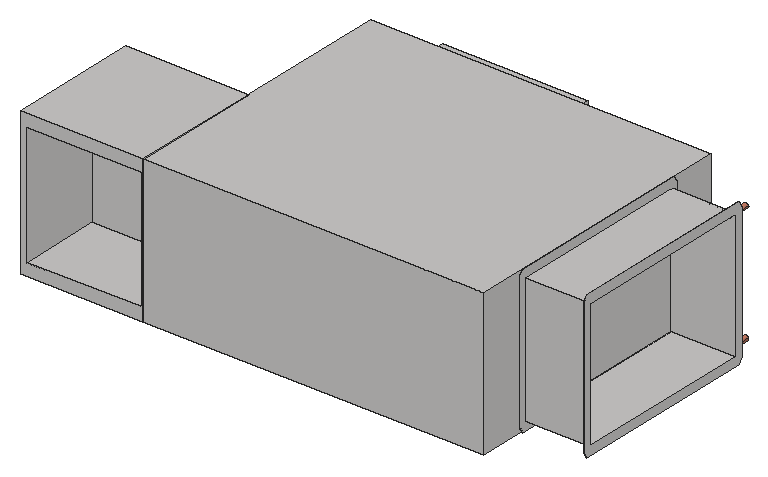
Revit family
Parameters
  Width = 3' - 3"
  Voltage = 208 V
  Unit Weight = if(Number of Rows = 1, "272.0 lbs", if(Number of Rows = 2, "277.0 lbs", "0"))  # "272.0 lbs"
  UltraLoc Liner = Choose Liner Option = 3  # no
  URL = "http://www.titus-hvac.com/"
  UL = "181"
  Supply Air Flow [instance] = 0 CFM
  SteriLoc Liner = Choose Liner Option = 2  # no
  Secondary Material = Copper Connectors
  Primary Air Pressure Drop [instance] = 0.00 in-wg
  Primary Air Flow [instance] = 0 CFM
  Pressure [instance] = 0.00 psi
  Plenum Air Pressure Drop [instance] = 0.00 in-wg
  Plenum Air Flow [instance] = 0 CFM
  Outlet Width = 2' - 1"
  Outlet Height = 1' - 5 1/2"
  Number of Rows = 1
  Number of Poles = 2
  Nominal Width = Width + 0' 6 1/4"  # 3' - 9 1/4"
  Nominal Length = Length + 1' 4 7/8" + 0' 9"  # 6' - 0 5/8"
  Nominal Inlet Size = 0' - 10"
  Nominal Height = 1' - 8"
  NFPA = "90A"
  Motor Full Load Amps [instance] = 3.6 A
  Model = "DTFS-F"
  Min. Air Flow = 0 CFM
  Max. Air Flow = 1400 CFM
  Material = Galvanized Steel
  Manufacturer = "Titus"
  Length = 3' - 10 3/4"
  Juction Box Offset = 0' - 4 7/8"
  Inlet Diameter = Nominal Inlet Size - 0' 0 1/8"  # 0' - 9 7/8"
  Induced Air Inlet Width = 1' - 4 7/8"
  Induced Air Inlet Offset = (Nominal Height - Induced Air Inlet Connection Height) / 2  # 0' - 1 11/16"
  Induced Air Inlet Height = 1' - 6 1/8"
  Induced Air Inlet Connection Width = 1' - 3 3/4"
  Induced Air Inlet Connection Height = 1' - 4 5/8"
  Induced Air Filter = no
  Heating Total Capacity [instance] = 0 Btu/h
  Heating Entering Water Temp = 0 °F
  Half Outlet Width = 1' - 0 1/2"
  Half Outlet Connection Width = Outlet Width / 2  # 1' - 0 1/2"
  Half Outlet Connection Height = Outlet Height / 2  # 0' - 8 3/4"
  Half Height Start = -(Nominal Height / 2)  # -0' - 10"
  Half Height End = Nominal Height / 2  # 0' - 10"
  HWC Option = HWC Section : D-E - 1 Row
  HWC Connector Radius = 5/16"
  HWC Connector Length = 0' - 3"
  HP-Motor = "1/3"
  Gallons Per Minute [instance] = 0 GPM
  Frequency = 60 Hz
  Flange Offset = 0' - 1 1/4"
  Filter Size = "18\"x17\""
  Fiber Free Liner = Choose Liner Option = 1  # no
  Fan Disconnect Switch = no
  Duct Radius = Nominal Inlet Size / 2  # 0' - 5"
  Description = "Ultra Quiet Series Fan Powered Terminal Unit, Direct Digital Control, Pressure Independent"
  Connector Vertical Offset = if(Number of Rows = 1, 1' 4 1/4", if(Number of Rows = 2, 1' 4 3/4", 0' 0"))  # 1' - 4 1/4"
  Connector Horizontal Offset = if(Number of Rows = 1, 0' 0", if(Number of Rows = 2, 0' 1", 0' 0"))  # 0' - 0"
  Connection Void Radius = Connection Radius - 0' 0 1/4"  # 0' - 4 11/16"
  Connection Radius = Inlet Diameter / 2  # 0' - 4 15/16"
  Choose Liner Option = 0
  CADworks URL = "www.CADworks.net"
  Assembly Code = "D3040100"
  Apparent Power [instance] = Voltage * Motor Full Load Amps  # 748.8 VA
  Air Inlet Offset = 0' - 7"
  1/2" Fiberglass Liner = Choose Liner Option = 0  # yes
  1" Fiberglass Liner = Choose Liner Option = 4  # no
Reference planes (in)
  plane 1 "Center (Front/Back)": y = 0
  plane 2: z = 0
  plane 3 "Center (Left/Right)": x = 3
  plane 4: x = -20.375
  plane 5: x = 26.375
  plane 6: x = -15.5
  plane 7: x = -23.75
  plane 8 "Center (Elevation)": z = 0
  plane 9: y = -19.5
  plane 10: y = 19.5
  plane 11: y = 12.5
  plane 12: y = -8.25
  plane 13: z = 0.6875
  plane 14: z = -6.875
  plane 15: x = 35.375
  plane 16: x = 34.375
  plane 17: x = 34.375
  plane 18: y = 15.5
  plane 19: z = -8.125
  plane 20: z = 8.125
  plane 21: y = -12.5
  plane 22: y = 12.5
  plane 23: z = 10
  plane 24: z = -10
  plane 25: y = 25.75
  plane 26: x = -37.25
Forms (in)
  Extrusion 1, solid, material "Galvanized Steel" <- "Material"
    sketch origin (0, 0, 0) x (1, 0, 0) y (0, 1, 0)
      loop
        line (-20.375, 19.5) -> (-20.375, -19.5) -> (26.375, -19.5) -> (26.375, 19.5) -> (-20.375, 19.5)
    from -10 <- "Half Height Start" to 10 <- "Half Height End"
  Extrusion 2, solid, material "Galvanized Steel" <- "Material"
    sketch origin (0, 0, 0) x (1, 0, 0) y (0, 1, 0)
      loop
        line (-37.25, -1.375) -> (-37.25, -19.5) -> (-20.375, -19.5) -> (-20.375, -1.375) -> (-37.25, -1.375)
    from -10 <- "Half Height Start" to 10 <- "Half Height End"
  Extrusion 3, void, detail levels fine
    sketch origin (0, -19.5, 0) x (1, 0, 0) y (0, 0, -1)
      loop
        line (-20.625, 8.3125) -> (-36.375, 8.3125) -> (-36.375, -8.3125) -> (-20.625, -8.3125) -> (-20.625, 8.3125)
    from 0 to 11.25
  Extrusion 4, solid, material "Galvanized Steel" <- "Material"
    sketch origin (3.125, 0, 0) x (1, 0, 0) y (0, 1, 0)
      loop
        line (-18.625, 19.5) -> (1.375, 19.5) -> (1.375, 25.75) -> (-18.625, 25.75) -> (-18.625, 19.5)
    from -6 to 6
  Extrusion 5, solid, material "Galvanized Steel" <- "Material"
    sketch origin (-24.875, -3, 0) x (0, 0, -1) y (0, 1, 0)
      loop
        circle (0, 15.5) r 4.9375
    from 1.125 to 4.5
  Extrusion 6, void, detail levels fine
    sketch origin (-24.875, 0, 0) x (0, 1, 0) y (0, 0, 1)
      loop
        circle (12.5, 0) r 4.6875
    from 1.125 to 9.375
  Extrusion 7, void, detail levels fine
    sketch origin (35.375, -12.5, 8.75) x (0, 0, 1) y (0, -1, 0)
      loop
        line (-17.5, 0) -> (-17.5, -25) -> (0, -25) -> (0, 0) -> (-17.5, 0)
    from -0.0625 to 0
  Extrusion 8, solid, material "Copper Connectors" <- "Secondary Material", detail levels fine
    sketch origin (0, 0, 0) x (1, 0, 0) y (0, 0, 1)
      loop
        circle (34.375, 8.125) r 0.3125
    from -15.5 to -12.5625
  Extrusion 9, solid, material "Copper Connectors" <- "Secondary Material", detail levels fine
    sketch origin (0, 0, 0) x (1, 0, 0) y (0, 0, 1)
      loop
        circle (34.375, -8.125) r 0.3125
    from -15.5 to -12.5625
Cuts and joins
  Extrusion 3 cuts Extrusion 2
  Extrusion 6 cuts Extrusion 1
  Extrusion 6 cuts Extrusion 5
Dimensions and locks (in)
  "Length": plane 5 to plane 4
  equal spacing: plane 5, plane 3 "Center (Left/Right)", plane 4
  locked: Extrusion 4 to Extrusion 4 at 20
  "Juction Box Offset": plane 6 to plane 4
  locked: plane 4 to plane 7 at 3.375
  "Width": plane 9 to plane 10
  equal spacing: plane 9, plane 1 "Center (Front/Back)", plane 10
  locked: Extrusion 5 sketch curve to level at 0
  locked: Extrusion 5 sketch curve to plane 11 at 0
  locked: Extrusion 6 sketch curve to level at 0
  locked: Extrusion 6 sketch curve to plane 11 at 0
  locked: Extrusion 4 to Extrusion 4 at 6.25
  locked: Extrusion 4 to Extrusion 4 at 12
  equal spacing: Extrusion 4, plane 8 "Center (Elevation)", Extrusion 4
  locked: plane 12 to plane 9 at 11.25
  "Air Inlet Offset": plane 10 to plane 11
  "Induced Air Inlet Height": cut or joined group of Extrusion 2, Extrusion 3 to cut or joined group of Extrusion 2, Extrusion 3
  locked: cut or joined group of Extrusion 5, Extrusion 6 to cut or joined group of Extrusion 5, Extrusion 6 at 3.375
  locked: plane 12 to plane 12 at 0
  "Induced Air Inlet Connection Height": Extrusion 3 sketch curve to Extrusion 3 sketch curve
  "Induced Air Inlet Offset": Extrusion 3 sketch curve to cut or joined group of Extrusion 2, Extrusion 3
  "Induced Air Inlet Connection Width": Extrusion 3 sketch curve to Extrusion 3 sketch curve
  locked: Extrusion 3 sketch curve to cut or joined group of Extrusion 1, Extrusion 6 at 0.25
  "Connector Vertical Offset": plane 20 to plane 19
  equal spacing: plane 20, plane 8 "Center (Elevation)", plane 19
  locked: plane 15 to plane 5 at 9
  locked: plane 15 to plane 16 at 1
  "Connector Horizontal Offset": plane 16 to plane 17
  locked: Extrusion 8 sketch curve to plane 17 at 0
  locked: Extrusion 8 sketch curve to plane 20 at 0
  locked: Extrusion 9 sketch curve to plane 16 at 0
  locked: Extrusion 9 sketch curve to plane 19 at 0
  "HWC Connector Length": plane 18 to plane 22
  locked: cut or joined group of Extrusion 1, Extrusion 6 to Extrusion 7 at 9
  locked: cut or joined group of Extrusion 2, Extrusion 3 to cut or joined group of Extrusion 2, Extrusion 3 at 16.875
  locked: cut or joined group of Extrusion 2, Extrusion 3 to cut or joined group of Extrusion 2, Extrusion 3 at 20
  equal spacing: cut or joined group of Extrusion 2, Extrusion 3, plane 8 "Center (Elevation)", cut or joined group of Extrusion 2, Extrusion 3
  locked: cut or joined group of Extrusion 1, Extrusion 6 to cut or joined group of Extrusion 1, Extrusion 6 at 20
  equal spacing: cut or joined group of Extrusion 1, Extrusion 6, plane 8 "Center (Elevation)", cut or joined group of Extrusion 1, Extrusion 6
  locked: nested 1 to cut or joined group of Extrusion 1, Extrusion 6 at 1.1875
  locked: cut or joined group of Extrusion 1, Extrusion 6 to nested 1 at 1.1875
  "Connection Radius": radius of Extrusion 5 sketch curve
  "Connection Void Radius": radius of Extrusion 6 sketch curve
  "HWC Connector Radius": radius of Extrusion 8 sketch curve
  "HWC Connector Radius": radius of Extrusion 9 sketch curve
  aligned and locked: plane 10 to Extrusion 4
  aligned and locked: plane 6 to Extrusion 4
  aligned and locked: plane 7 to cut or joined group of Extrusion 5, Extrusion 6
  aligned and locked: plane 18 to Extrusion 8
  aligned and locked: plane 18 to Extrusion 9
  aligned and locked: plane 9 to cut or joined group of Extrusion 2, Extrusion 3  (x3)
  aligned and locked: plane 5 to nested 1
  aligned and locked: plane 15 to nested 1
  aligned and locked: plane 18 to nested 1  (x2)
  aligned and locked: plane 21 to nested 1
  aligned and locked: plane 22 to nested 1
  aligned and locked: plane 5 to cut or joined group of Extrusion 1, Extrusion 6
  aligned and locked: cut or joined group of Extrusion 1, Extrusion 6 to nested 1
  aligned and locked: cut or joined group of Extrusion 1, Extrusion 6 to plane 10
  aligned and locked: Extrusion 4 to cut or joined group of Extrusion 1, Extrusion 6  (x2)
  aligned and locked: cut or joined group of Extrusion 1, Extrusion 6 to plane 4
  aligned and locked: plane 9 to cut or joined group of Extrusion 1, Extrusion 6
  aligned and locked: cut or joined group of Extrusion 5, Extrusion 6 to cut or joined group of Extrusion 1, Extrusion 6
  aligned and locked: nested 1 to cut or joined group of Extrusion 1, Extrusion 6
  aligned and locked: plane 6 to Extrusion 6
  aligned and locked: Extrusion 6 to plane 7
  aligned and locked: Extrusion 3 to plane 12
  aligned and locked: plane 26 to cut or joined group of Extrusion 2, Extrusion 3
  aligned and locked: plane 25 to Extrusion 4
  aligned and locked: plane 23 to cut or joined group of Extrusion 2, Extrusion 3
  aligned and locked: plane 24 to cut or joined group of Extrusion 2, Extrusion 3
  aligned and locked: plane 24 to cut or joined group of Extrusion 1, Extrusion 6
  aligned and locked: plane 23 to cut or joined group of Extrusion 1, Extrusion 6
Automatic sketch dimensions
  Extrusion 1 sketch curve to plane 4 = 0' - 0"
  Extrusion 1 sketch curve to plane 5 = 0' - 0"
  Extrusion 1 sketch curve to plane 9 = 0' - 0"
  Extrusion 1 sketch curve to plane 10 = 0' - 0"
  Extrusion 2 sketch curve to plane 4 = 0' - 0"
  Extrusion 2 sketch curve to plane 9 = 0' - 0"
  plane 1 "Center (Front/Back)" to Extrusion 2 sketch curve = 0' - 1 3/8"
  Extrusion 4 sketch curve to plane 6 = 0' - 0"
  Extrusion 4 sketch curve to plane 10 = 0' - 0"
  plane 3 "Center (Left/Right)" to Extrusion 4 sketch curve = 0' - 1 1/2"
  Extrusion 4 sketch curve to plane 10 = 0' - 6 1/4"
  Extrusion 2 sketch curve to plane 7 = 1' - 1 1/2"
  Extrusion 7 sketch curve to nested 1 = 0' - 0"  (x4)
Nested families (in)
  nested 1: "HWC Section" at (30.875, 0, 0) x (0, 1, 0) z (0, 0, 1), type <- "HWC Option", type "D-E - 1 Row"
Connectors (in)
  electrical at (-5.5, 25.75, 0), driven by "Apparent Power", driven by "Voltage", driven by "Number of Poles"
    settings: on Extrusion 4, index 8
  hvac at (-23.75, 12.5, 0), driven by "Duct Radius", driven by "Primary Air Pressure Drop", driven by "Primary Air Flow"
    settings: on cut or joined group of Extrusion 5, Extrusion 6, index 9
  hvac at (-28.5, -19.5, 0), driven by "Induced Air Inlet Connection Height", driven by "Induced Air Inlet Connection Width", driven by "Plenum Air Pressure Drop", driven by "Plenum Air Flow"
    settings: on cut or joined group of Extrusion 2, Extrusion 3, index 11
  hvac at (35.375, 0, 0), driven by "Outlet Height", driven by "Outlet Width", driven by "Supply Air Flow"
    settings: on Extrusion 7, index 12
  piping at (34.375, 15.5, 8.125), driven by "Gallons Per Minute", driven by "Pressure", driven by "HWC Connector Radius"
    settings: on Extrusion 8, index 13
  piping at (34.375, 15.5, -8.125), driven by "Gallons Per Minute", driven by "HWC Connector Radius", driven by "Pressure"
    settings: on Extrusion 9, index 14
Definition of nested family "HWC Section"
  Parameters (values of type "B-C - 1 Row")
    Visibility = yes
    Secondary Material = Copper Connectors
    Number of Rows = 1
    Material = Galvanized Steel
    Half Width = HWC Width / 2  # 0' - 10 1/4"
    Half Length-Start = -(HWC Length / 2)  # -0' - 4 1/2"
    Half Length-End = HWC Length / 2  # 0' - 4 1/2"
    HWC Connection Radius = 5/16"
    Flange Offset = 0' - 1"
    Duct Vertical Offset = HWC Height - 0' 0 1/2"  # 1' - 0"
    Duct Horizontal Offset = HWC Width - 0' 0 1/2"  # 1' - 8"
    Connector Vertical Offset = 0' - 11 3/4"
    HWC Width = 1' - 8 1/2"
    HWC Height = 1' - 0 1/2"
    HWC Length = 0' - 9"  # constant formula
    Gallons Per Minute = 0 GPM
    Connector Length = 0' - 3"
    Connector Horizontal Offset = 0' - 0"
  Types (5): name | Number of Rows | Half Width | Flange Offset | Duct Vertical Offset | Duct Horizontal Offset | Connector Vertical Offset | HWC Width | HWC Height | Connector Horizontal Offset
    (no name) | 1 | 0' - 10 1/4" | 0' - 1" | 1' - 0" | 1' - 8" | 0' - 11 3/4" | 1' - 8 1/2" | 1' - 0 1/2" | 0' - 0"
    B-C - 1 Row | 1 | 0' - 10 1/4" | 0' - 1" | 1' - 0" | 1' - 8" | 0' - 11 3/4" | 1' - 8 1/2" | 1' - 0 1/2" | 0' - 0"
    B-C - 2 Row | 2 | 0' - 10 1/4" | 0' - 1" | 1' - 0" | 1' - 8" | 0' - 11 3/4" | 1' - 8 1/2" | 1' - 0 1/2" | 0' - 1"
    D-E - 1 Row | 1 | 1' - 0 1/2" | 0' - 1 1/4" | 1' - 5" | 2' - 0 1/2" | 1' - 4 1/4" | 2' - 1" | 1' - 5 1/2" | 0' - 0"
    D-E - 2 Row | 2 | 1' - 0 1/2" | 0' - 1 1/4" | 1' - 5" | 2' - 0 1/2" | 1' - 4 3/4" | 2' - 1" | 1' - 5 1/2" | 0' - 1"
  Reference planes (in)
    plane 1 "Center (Front/Back)": y = 0
    plane 2: z = 0
    plane 3 "Center (Left/Right)": x = 0
    plane 4: x = -10.25
    plane 5: x = 10.25
    plane 6: y = 4.5
    plane 7: y = -4.5
    plane 8: z = 6.25
    plane 9: z = -6.25
    plane 10: z = 5.875
    plane 11: z = -5.875
    plane 12: y = 3.5
    plane 13: y = 3.5
    plane 14: x = 13.25
  Forms (in)
    Extrusion 1, solid, material "Galvanized Steel" <- "Material", visible <- "Visibility"
      sketch origin (0, 0, 0) x (1, 0, 0) y (0, 0, 1)
        loop
          line (-10.3125, 6.3125) -> (-10.3125, -6.3125) -> (10.3125, -6.3125) -> (10.3125, 6.3125) -> (-10.3125, 6.3125)
      from -4.375 <- "Half Length-Start" to 4.5 <- "Half Length-End"
    Extrusion 2, void, detail levels fine
      sketch origin (0, 0, 0) x (1, 0, 0) y (0, 0, 1)
        loop
          line (-10.25, -6.25) -> (10.25, -6.25) -> (10.25, 6.25) -> (-10.25, 6.25) -> (-10.25, -6.25)
      from -4.5 <- "Half Length-Start" to 4.5 <- "Half Length-End"
    Extrusion 3, solid, material "Copper Connectors" <- "Secondary Material", visible <- "Visibility"
      sketch origin (6, 2.625, 0) x (0, 1, 0) y (0, 0, 1)
        loop
          circle (0.875, -5.875) r 0.3125
      from 4.3125 to 7.25
    Extrusion 4, solid, material "Galvanized Steel" <- "Material", visible <- "Visibility"
      sketch origin (0, -4.375, 0) x (1, 0, 0) y (0, 0, 1)
        loop
          line (-10.25, 6.25) -> (-10.25, -6.25) -> (10.25, -6.25) -> (10.25, 6.25) -> (-10.25, 6.25)
        loop
          line (-11.25, 6.75) -> (-11.25, -6.75) -> (-10.75, -7.25) -> (10.75, -7.25) -> (11.25, -6.75) -> (11.25, 6.75) -> (10.75, 7.25) -> (-10.75, 7.25) -> (-11.25, 6.75)
      from 0 to 0.125
    Extrusion 5, solid, material "Copper Connectors" <- "Secondary Material", visible <- "Visibility"
      sketch origin (6, -0.5, 0) x (0, 1, 0) y (0, 0, 1)
        loop
          circle (4, 5.875) r 0.3125
      from 4.3125 to 7.25
    Extrusion 6, solid, material "Galvanized Steel" <- "Material", visible <- "Visibility"
      sketch origin (0, 4.375, 0) x (1, 0, 0) y (0, 0, -1)
        loop
          line (-10.25, -6.25) -> (10.25, -6.25) -> (10.25, 6.25) -> (-10.25, 6.25) -> (-10.25, -6.25)
        loop
          line (-11.25, -6.75) -> (-10.75, -7.25) -> (10.75, -7.25) -> (11.25, -6.75) -> (11.25, 6.75) -> (10.75, 7.25) -> (-10.75, 7.25) -> (-11.25, 6.75) -> (-11.25, -6.75)
      from 0 to 0.125
  Cuts and joins
    Extrusion 2 cuts Extrusion 1
    joined: Extrusion 1, Extrusion 4, Extrusion 6
  Dimensions and locks (in)
    "HWC Width": plane 4 to plane 5
    equal spacing: plane 4, plane 3 "Center (Left/Right)", plane 5
    "HWC Height": plane 8 to plane 9
    equal spacing: plane 8, plane 2, plane 9
    equal spacing: plane 10, plane 2, plane 11
    locked: plane 12 to plane 6 at 1
    "Connector Horizontal Offset": plane 13 to plane 12
    locked: plane 7 to Extrusion 4 at 0.125
    locked: Extrusion 6 to plane 6 at 0.125
    locked: plane 4 to Extrusion 1 sketch curve at 0.0625
    locked: Extrusion 4 to Extrusion 1 sketch curve at 0.0625
    locked: Extrusion 1 sketch curve to plane 8 at 0.0625
    locked: plane 9 to Extrusion 1 sketch curve at 0.0625
    "Connector Length": plane 5 to plane 14
    "HWC Length": plane 6 to plane 7
    equal spacing: plane 6, plane 1 "Center (Front/Back)", plane 7
    "Connector Vertical Offset": plane 10 to plane 11
    equal spacing: plane 10, level, plane 11
    "HWC Width": Extrusion 4 sketch curve to Extrusion 4 sketch curve
    equal spacing: Extrusion 4 sketch curve, plane 3 "Center (Left/Right)", Extrusion 4 sketch curve
    "HWC Height": Extrusion 4 sketch curve to Extrusion 4 sketch curve
    equal spacing: Extrusion 4 sketch curve, plane 2, Extrusion 4 sketch curve
    locked: cut or joined group of Extrusion 1, Extrusion 2, Extrusion 4, Extrusion 6 to plane 4 at 1  (x2)
    locked: cut or joined group of Extrusion 1, Extrusion 2, Extrusion 4, Extrusion 6 to plane 5 at 1  (x2)
    "HWC Width": Extrusion 6 sketch curve to Extrusion 6 sketch curve
    "HWC Height": Extrusion 6 sketch curve to Extrusion 6 sketch curve
    equal spacing: Extrusion 6 sketch curve, plane 3 "Center (Left/Right)", Extrusion 6 sketch curve
    equal spacing: Extrusion 6 sketch curve, plane 2, Extrusion 6 sketch curve
    "HWC Height": Extrusion 2 sketch curve to Extrusion 2 sketch curve
    "HWC Width": Extrusion 2 sketch curve to Extrusion 2 sketch curve
    equal spacing: Extrusion 2 sketch curve, plane 3 "Center (Left/Right)", Extrusion 2 sketch curve
    equal spacing: Extrusion 2 sketch curve, plane 2, Extrusion 2 sketch curve
    locked: plane 5 to Extrusion 3 at 0.0625
    locked: plane 5 to Extrusion 5 at 0.0625
    "Flange Offset": cut or joined group of Extrusion 1, Extrusion 2, Extrusion 4, Extrusion 6 to plane 8
    "Flange Offset": plane 9 to cut or joined group of Extrusion 1, Extrusion 2, Extrusion 4, Extrusion 6
    "Flange Offset": plane 8 to cut or joined group of Extrusion 1, Extrusion 2, Extrusion 4, Extrusion 6
    "Flange Offset": cut or joined group of Extrusion 1, Extrusion 2, Extrusion 4, Extrusion 6 to plane 9
    "HWC Connection Radius": radius of Extrusion 3 sketch curve
    "HWC Connection Radius": radius of Extrusion 5 sketch curve
    aligned and locked: plane 7 to Extrusion 4
    aligned and locked: plane 6 to Extrusion 6
    aligned and locked: plane 14 to Extrusion 5
    aligned and locked: plane 14 to Extrusion 3
    aligned and locked: Extrusion 6 to cut or joined group of Extrusion 1, Extrusion 2, Extrusion 4, Extrusion 6
    aligned and locked: Extrusion 4 to Extrusion 4
  Automatic sketch dimensions
    Extrusion 3 sketch curve to plane 11 = 0' - 0"
    Extrusion 3 sketch curve to plane 12 = 0' - 0"
    Extrusion 5 sketch curve to plane 10 = 0' - 0"
    Extrusion 5 sketch curve to plane 13 = 0' - 0"
    plane 4 to Extrusion 6 sketch curve = 0' - 1"
    plane 4 to Extrusion 6 sketch curve = 0' - 0 1/2"  (x2)
    Extrusion 6 sketch curve to plane 5 = 0' - 0 1/2"  (x2)
    Extrusion 6 sketch curve to Extrusion 6 sketch curve = 0' - 0 1/2"  (x3)
    plane 8 to Extrusion 6 sketch curve = 0' - 0 1/2"  (x2)
    Extrusion 6 sketch curve to plane 9 = 0' - 0 1/2"  (x2)
    plane 4 to Extrusion 4 sketch curve = 0' - 0 1/2"  (x2)
    Extrusion 4 sketch curve to Extrusion 4 sketch curve = 0' - 0 1/2"  (x4)
    Extrusion 4 sketch curve to plane 5 = 0' - 0 1/2"  (x2)
    Extrusion 4 sketch curve to plane 9 = 0' - 0 1/2"  (x2)
    plane 8 to Extrusion 4 sketch curve = 0' - 0 1/2"  (x2)
